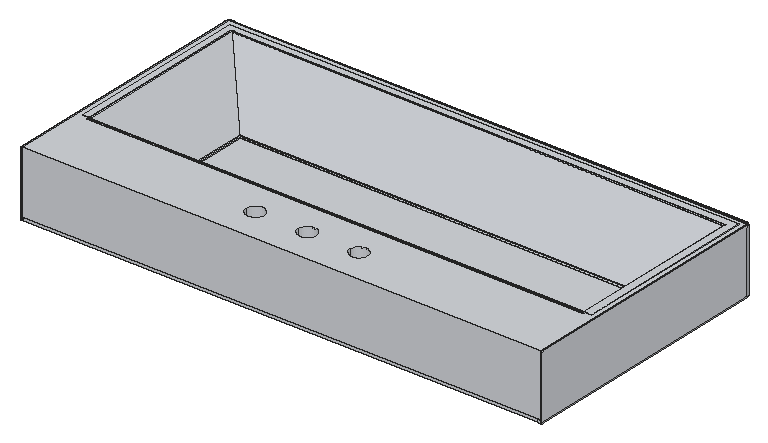
Revit family
Parameters (values of type "1000 x 500mm")
  Material = none
  Manufacturer = "Revit"
  Assembly Code = ""
Reference planes
  plane 1: y = 0
  plane 2 "Center (Left/Right)": x = 125
  plane 3 "Back": y = 75
Text (mm)
  text "Placement side" at (-1787.139, 592.35, 0), in view "Ref. Level"
  text "Placement side" at (0, 1827.695, 2917.686), in view "Left"
  text "Placement side" at (0, 562.268, 3853.606), in view "Right"
Dimensions and locks
  locked: plane 3 "Back" to host wall at 0
  aligned and locked: host wall to plane 1
  aligned and locked: plane 3 "Back" to nested 1
Nested families
  nested 1: "Sink_3" at (125, 75, 750), type "1000 x 500mm"
Definition of nested family "Sink_3"
  Parameters (values of type "1000 x 500mm")
    Material = none
    Manufacturer = "Revit"
    Assembly Code = "D2010440"
  Reference planes
    plane 1 "Center (Front/Back)": y = 0
    plane 2: z = 0
    plane 3 "Center (Left/Right)": x = 0
    plane 4: x = -134.49
    plane 5: x = -249.489
    plane 6: x = -224.489
  Forms (mm)
    Sweep 1, solid
      path origin (-125, -75, 0) x (1, 0, 0) y (0, 1, 0)
        loop
          line (-348.531, 210) -> (-348.531, 550) -> (601.469, 550) -> (601.469, 210)
      profile origin (0, 305, 0) x (-1, 0, 0) y (0, 0, 1)
        loop
          line (488.392, 115) -> (488.392, 120) -> (474.501, 120)
          arc (474.501, 120) -> (473.531, 119.749) -> (472.805, 119.06) r 2
          line (472.805, 119.06) -> (398.98, 0.94)
          arc (398.98, 0.94) -> (398.253, 0.251) -> (397.284, 0) r 2
          line (397.284, 0) -> (393.039, 0) -> (393.039, -5.042) -> (401.137, -5.042) -> (476.163, 115) -> (488.392, 115)
    Sweep 2, solid
      path origin (-125, -75, 0) x (1, 0, 0) y (0, 1, 0)
        loop
          line (-351.163, 205) -> (604.101, 205)
      profile origin (1.469, 0, 0) x (0, 1, 0) y (0, 0, 1)
        loop
          line (149.827, 1.749) -> (135.102, 118.251)
          arc (135.102, 118.251) -> (134.441, 119.5) -> (133.118, 120) r 2
          line (133.118, 120) -> (129.881, 120) -> (145.686, -5.042) -> (155.686, -5.042) -> (155.686, 0) -> (151.811, 0)
          arc (151.811, 0) -> (150.489, 0.5) -> (149.827, 1.749) r 2
    Extrusion 3, solid
      sketch origin (-125, -75, 0) x (1, 0, 0) y (0, 1, 0)
        loop
          arc (-370.531, 573) -> (-372.653, 572.121) -> (-373.531, 570) r 3
          line (-373.531, 570) -> (-373.531, 75) -> (626.469, 75) -> (626.469, 570)
          arc (626.469, 570) -> (625.59, 572.121) -> (623.469, 573) r 3
          line (623.469, 573) -> (-370.531, 573)
        loop
          circle (25.511, 139.361) r 17.5
        loop
          circle (125.511, 139.361) r 17.5
        loop
          circle (225.511, 139.361) r 17.5
        loop
          line (604.101, 550) -> (-351.163, 550) -> (-351.163, 205) -> (604.101, 205) -> (604.101, 550)
      from 0 to 120
    Sweep 4, solid
      path origin (-125, -75, 0) x (1, 0, 0) y (0, 1, 0)
        loop
          line (-373.531, 75) -> (-373.531, 570)
          arc (-373.531, 570) -> (-372.067, 573.536) -> (-368.531, 575) r 5
          line (-368.531, 575) -> (621.469, 575)
          arc (621.469, 575) -> (625.004, 573.536) -> (626.469, 570) r 5
          line (626.469, 570) -> (626.469, 75)
      profile origin (0, 247.5, 0) x (-1, 0, 0) y (0, 0, 1)
        loop
          line (498.531, 120) -> (498.531, -5) -> (499.531, -5)
          arc (499.531, -5) -> (500.238, -4.707) -> (500.531, -4) r 1
          line (500.531, -4) -> (500.531, 119)
          arc (500.531, 119) -> (500.238, 119.707) -> (499.531, 120) r 1
          line (499.531, 120) -> (498.531, 120)
    Extrusion 5, solid
      sketch origin (-125, -75, 0) x (1, 0, 0) y (0, 1, 0)
        loop
          arc (-373.531, 80) -> (-372.067, 76.464) -> (-368.531, 75) r 5
          line (-368.531, 75) -> (621.469, 75)
          arc (621.469, 75) -> (625.004, 76.464) -> (626.469, 80) r 5
          line (626.469, 80) -> (626.469, 570)
          arc (626.469, 570) -> (625.004, 573.536) -> (621.469, 575) r 5
          line (621.469, 575) -> (-368.531, 575)
          arc (-368.531, 575) -> (-372.067, 573.536) -> (-373.531, 570) r 5
          line (-373.531, 570) -> (-373.531, 80)
        loop
          circle (125.51, 275) r 23
      from -5.042 to 0
  Lines and regions (mm)
    symbolic lines
      curve 1: line (-495, 500, 0) -> (495, 500, 0)
      curve 2: arc (495, 500, 0) -> (498.536, 498.536, 0) -> (500, 495, 0) r 5
      curve 3: line (500, 495, 0) -> (500, 5, 0)
      curve 4: arc (500, 5, 0) -> (498.536, 1.464, 0) -> (495, 0, 0) r 5
      curve 5: line (495, 0, 0) -> (-495, 0, 0)
      curve 6: arc (-495, 0, 0) -> (-498.536, 1.464, 0) -> (-500, 5, 0) r 5
      curve 7: line (-500, 5, 0) -> (-500, 495, 0)
      curve 8: arc (-500, 495, 0) -> (-498.536, 498.536, 0) -> (-495, 500, 0) r 5
      curve 9: line (-470, 475, 0) -> (470, 475, 0)
      curve 10: arc (470, 475, 0) -> (473.536, 473.536, 0) -> (475, 470, 0) r 5
      curve 11: line (475, 470, 0) -> (475, 135, 0)
      curve 12: arc (475, 135, 0) -> (473.536, 131.464, 0) -> (470, 130, 0) r 5
      curve 13: line (470, 130, 0) -> (-470, 130, 0)
      curve 14: arc (-470, 130, 0) -> (-473.536, 131.464, 0) -> (-475, 135, 0) r 5
      curve 15: line (-475, 135, 0) -> (-475, 470, 0)
      curve 16: arc (-475, 470, 0) -> (-473.536, 473.536, 0) -> (-470, 475, 0) r 5
      curve 17: line (-470, 470, 0) -> (-388.13, 388.13, 0)
      curve 18: line (-470, 135, 0) -> (-389.982, 151.032, 0)
      curve 19: line (470, 135, 0) -> (390.329, 150.477, 0)
      curve 20: line (470, 470, 0) -> (387.696, 387.696, 0)
      curve 21: line (-380, 385, 0) -> (380, 385, 0)
      curve 22: arc (380, 385, 0) -> (383.536, 383.536, 0) -> (385, 380, 0) r 5
      curve 23: line (385, 380, 0) -> (385, 155.048, 0)
      curve 24: arc (385, 155.048, 0) -> (383.536, 151.513, 0) -> (380, 150.048, 0) r 5
      curve 25: line (380, 150.048, 0) -> (-380, 150.048, 0)
      curve 26: arc (-380, 150.048, 0) -> (-383.536, 151.513, 0) -> (-385, 155.048, 0) r 5
      curve 27: line (-385, 155.048, 0) -> (-385, 380, 0)
      curve 28: arc (-385, 380, 0) -> (-383.536, 383.536, 0) -> (-380, 385, 0) r 5
      curve 29: arc (-37.5, 200, 0) -> (0, 237.5, 0) -> (37.5, 200, 0) r 37.5
      curve 30: arc (37.5, 200, 0) -> (0, 162.5, 0) -> (-37.5, 200, 0) r 37.5
      curve 31: arc (-23, 200, 0) -> (0, 223, 0) -> (23, 200, 0) r 23
      curve 32: arc (23, 200, 0) -> (0, 177, 0) -> (-23, 200, 0) r 23
      curve 33: arc (-17.5, 64.361, 0) -> (0, 81.861, 0) -> (17.5, 64.361, 0) r 17.5
      curve 34: arc (17.5, 64.361, 0) -> (0, 46.861, 0) -> (-17.5, 64.361, 0) r 17.5
      curve 35: arc (82.5, 64.361, 0) -> (100, 81.861, 0) -> (117.5, 64.361, 0) r 17.5
      curve 36: arc (117.5, 64.361, 0) -> (100, 46.861, 0) -> (82.5, 64.361, 0) r 17.5
      curve 37: arc (-117.5, 64.361, 0) -> (-100, 81.861, 0) -> (-82.5, 64.361, 0) r 17.5
      curve 38: arc (-82.5, 64.361, 0) -> (-100, 46.861, 0) -> (-117.5, 64.361, 0) r 17.5
      curve 39: spline (-12.5, 136.838, 0) -> (-12.074, 137.573, 0) -> (-10.825, 138.258, 0) -> (-8.839, 138.846, 0) -> (-6.25, 139.297, 0) -> (-3.235, 139.581, 0) -> (0, 139.678, 0) -> (3.235, 139.581, 0) -> (6.25, 139.297, 0) -> (8.839, 138.846, 0) -> (10.825, 138.258, 0) -> (12.074, 137.573, 0) -> (12.5, 136.838, 0)
      curve 40: spline (-12.5, 136.838, 0) -> (-12.074, 136.102, 0) -> (-10.825, 135.418, 0) -> (-8.839, 134.829, 0) -> (-6.25, 134.378, 0) -> (-3.235, 134.094, 0) -> (0, 133.998, 0) -> (3.235, 134.094, 0) -> (6.25, 134.378, 0) -> (8.839, 134.829, 0) -> (10.825, 135.418, 0) -> (12.074, 136.102, 0) -> (12.5, 136.838, 0)
